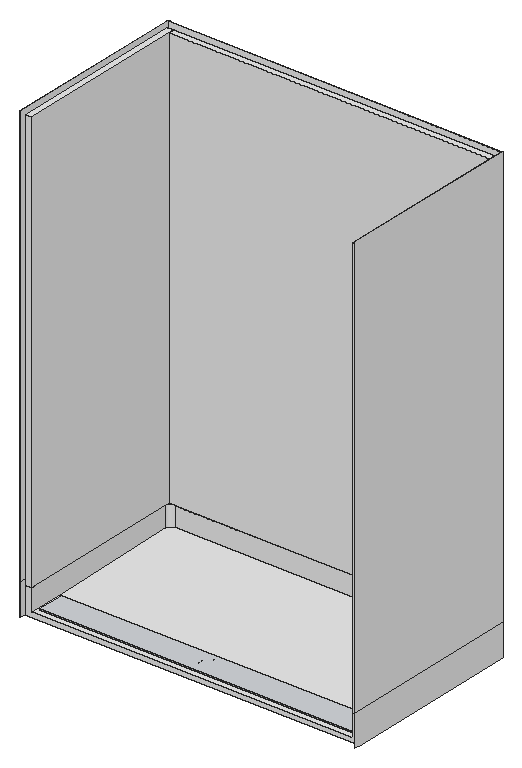
Revit family "5LBS26032FB75FTB.V3,2FTB.V3", category Plumbing Fixtures, Revit 2019
Family settings
  Round Connector Dimension = Use Diameter
  Part Type = Normal
  OmniClass Number = 23.45.05.14.17
  OmniClass Title = Showers
  Work Plane-Based = No
  Always vertical = Yes
  Cut with Voids When Loaded = No
  Shared = No
  Room Calculation Point = No
Parameters (values of type "5LBS26032FB75FTB.V3")
  Unit Width = 60"
  Unit Height = 81 1/4"
  Pan Height = 5 3/4"
  Unit Depth = 33"
  URL = "http://www.bestbath.com"
  Type Comments = "Barrier Free"
  Threshold Height = 3/4"
  Model = "5LBS26032FB75FTB.V3"
  Material [instance] = Best Bath Gelcoat Fiberglass - 4x8 Subway Tile
  Manufacturer = "Best Bath Systems, Inc."
  Keynote = "22 40 00.B3"
  Description = "Trench Drain Pan, Real Tile, Beveled Threshold"
  Assembly Code = "D2010710"
Types (3): name | Unit Height | Pan Height | Threshold Height | Model
  (no name) | 81 1/4" | 5 3/4" | 3/4" | "5LBS26032FB75FTB.V3"
  5LBS26032FB75FTB.V3 | 81 1/4" | 5 3/4" | 3/4" | "5LBS26032FB75FTB.V3"
  5LBS26032FB2FTB.V3 | 82 1/2" | 7" | 2" | "5LBS26032FB2FTB.V3"
Reference planes (in)
  plane 1 "Back": y = 6.43613
  plane 2: z = 0
  plane 3 "Left": x = 0
  plane 4: x = 60
  plane 5: z = 4.75
  plane 6: z = 0.75
  plane 7: z = 5.75
  plane 8: x = 30
  plane 9: y = -26.56387
  plane 10: y = -19.31387
  plane 11: z = 1.5
  plane 12: y = -25.56387
  plane 13: y = -21.81387
  plane 14: z = 0.875
  plane 15: y = -21.81387
  plane 16: z = 81.25
  plane 17: z = 80.25
  plane 18: z = 44.25
Forms (in)
  Extrusion 1, solid, material "Best Bath Gelcoat Fiberglass - Smooth"
    sketch origin (0, 0, 0) x (1, 0, 0) y (0, 1, 0)
      loop
        line (0, 6.43613) -> (0, -26.56387) -> (0.125, -26.56387) -> (0.125, 6.31113) -> (59.875, 6.31113) -> (59.875, -26.56387) -> (60, -26.56387) -> (60, 6.43613) -> (0, 6.43613)
    from 0 to 5.75
  Extrusion 2, solid, material "Best Bath Gelcoat Fiberglass - Smooth"
    sketch origin (0, 0, 0) x (0, 1, 0) y (0, 0, 1)
      loop
        line (-19.31387, 0.75) -> (5.18613, 0.75) -> (5.18613, 1.25) -> (-19.31387, 0.75)
    from 0 to 60
  Extrusion 3, solid, material "Best Bath Gelcoat Fiberglass - Smooth"
    sketch origin (0, 0, 0) x (1, 0, 0) y (0, 1, 0)
      loop
        line (0, 6.43613) -> (0, -25.56387) -> (59.875, -25.56387) -> (59.875, 6.43613) -> (0, 6.43613)
      loop
        circle (30, -21.81387) r 1.5
    from 0 to 0.75
  Extrusion 4, solid, material "Best Bath Gelcoat Fiberglass - Smooth"
    sketch origin (0, 0, 0) x (1, 0, 0) y (0, 1, 0)
      loop
        line (0, 6.43613) -> (0, -25.56387) -> (1.25, -25.56387) -> (1.25, 4.18613)
        arc (1.25, 4.18613) -> (1.54289, 4.89323) -> (2.25, 5.18613) r 1
        line (2.25, 5.18613) -> (57.75, 5.18613)
        arc (57.75, 5.18613) -> (58.45711, 4.89323) -> (58.75, 4.18613) r 1
        line (58.75, 4.18613) -> (58.75, -25.56387) -> (60, -25.56387) -> (60, 6.43613) -> (0, 6.43613)
    from 0 to 4.75
  Extrusion 5, solid
    sketch origin (0, 0, 0) x (1, 0, 0) y (0, 1, 0)
      loop
        line (1.75, -19.31387) -> (1.75, -24.31387) -> (58.25, -24.31387) -> (58.25, -19.31387) -> (1.75, -19.31387)
    from 0.40753 to 0.875
  Extrusion 6, solid, material "Best Bath Gelcoat Fiberglass - Smooth"
    sketch origin (0, 0, 0) x (1, 0, 0) y (0, 1, 0)
      loop
        line (1.25, -25.56387) -> (1.25, 6.31113) -> (0.125, 6.31113) -> (0.125, -25.56387) -> (1.25, -25.56387)
      loop
        line (58.75, -25.56387) -> (59.875, -25.56387) -> (59.875, 6.31113) -> (58.75, 6.31113) -> (58.75, -25.56387)
    from 4.75 to 80.25
  Extrusion 7, solid, material "Best Bath Smoothwall"
    sketch origin (-0.02168, 0, 0) x (1, 0, 0) y (0, 1, 0)
      loop
        line (1.27168, 5.18613) -> (58.77168, 5.18613) -> (58.77168, 6.31113) -> (1.27168, 6.31113) -> (1.27168, 5.18613)
    from 4.75 to 80.25
  Extrusion 8, solid, material "Best Bath Gelcoat Fiberglass - Smooth"
    sketch origin (0, 0, 0) x (1, 0, 0) y (0, 1, 0)
      loop
        line (0, -26.56387) -> (0.125, -26.56387) -> (0.125, 6.43613) -> (0, 6.43613) -> (0, -26.56387)
      loop
        line (60, -26.56387) -> (60, 6.43613) -> (59.875, 6.43613) -> (59.875, -26.56387) -> (60, -26.56387)
    from 5.75 to 81.25
  Extrusion 9, solid, material "Best Bath Smoothwall"
    sketch origin (-0.02168, 0, 0) x (1, 0, 0) y (0, 1, 0)
      loop
        line (0.14668, 6.43613) -> (0.14668, 6.31113) -> (59.89668, 6.31113) -> (59.89668, 6.43613) -> (0.14668, 6.43613)
    from 0 to 81.25
Cuts and joins
  joined: Extrusion 1, Extrusion 2, Extrusion 3, Extrusion 4
  joined: Extrusion 6, Extrusion 8
  joined: Extrusion 7, Extrusion 9
Dimensions and locks (in)
  "Unit Width": plane 3 "Left" to plane 4
  "Threshold Height": plane 6 to level
  locked: plane 7 to plane 5 at 1
  "Pan Height": plane 7 to level
  equal spacing: plane 3 "Left", plane 8, plane 4
  "Unit Depth": plane 9 to plane 1 "Back"
  locked: plane 11 to plane 6 at 0.75
  plane 3 "Left" to Extrusion 3 = 59 7/8"
  locked: plane 10 to plane 9 at 7.25
  locked: plane 12 to plane 9 at 1
  plane 13 to plane 9 = 4 3/4"
  locked: plane 14 to plane 6 at 0.125
  locked: plane 10 to plane 15 at 2.5
  "Unit Height": plane 16 to level
  locked: plane 16 to plane 17 at 1
  plane 18 to plane 6 = 43 1/2"
  aligned and locked: level to plane 2
  aligned and locked: Extrusion 2 sketch curve to plane 6
  aligned and locked: plane 6 to Extrusion 3
  aligned and locked: plane 5 to Extrusion 4
  aligned and locked: plane 12 to Extrusion 3 sketch curve
  aligned and locked: plane 12 to Extrusion 4 sketch curve  (x2)
  aligned and locked: plane 7 to Extrusion 1
  aligned and locked: Extrusion 5 sketch curve to plane 10
  aligned and locked: plane 14 to Extrusion 5
  aligned and locked: Extrusion 6 to cut or joined group of Extrusion 1, Extrusion 2, Extrusion 3, Extrusion 4
  aligned and locked: plane 17 to Extrusion 6
  aligned and locked: plane 17 to Extrusion 7
  aligned and locked: plane 16 to Extrusion 8
  aligned and locked: plane 16 to Extrusion 9
  aligned and locked: Extrusion 7 to plane 5
  aligned and locked: Extrusion 8 to plane 7
Automatic sketch dimensions
  plane 3 "Left" to Extrusion 5 sketch curve = 1 3/4"
  plane 4 to Extrusion 5 sketch curve = 1 3/4"
  plane 12 to Extrusion 5 sketch curve = 1 1/4"
  Extrusion 1 sketch curve to plane 3 "Left" = 0"
  Extrusion 1 sketch curve to plane 9 = 0"  (x2)
  Extrusion 1 sketch curve to plane 4 = 0"
  plane 1 "Back" to Extrusion 1 sketch curve = 0"
  plane 3 "Left" to Extrusion 1 sketch curve = 1/8"
  plane 4 to Extrusion 1 sketch curve = 1/8"
  plane 1 "Back" to Extrusion 1 sketch curve = 1/8"
  Extrusion 2 sketch curve to plane 10 = 0"
  Extrusion 2 sketch curve to plane 11 = 1/4"
  plane 1 "Back" to Extrusion 2 sketch curve = 1 1/4"
  Extrusion 3 sketch curve to plane 3 "Left" = 0"
  Extrusion 3 sketch curve to plane 8 = 0"
  plane 1 "Back" to Extrusion 3 sketch curve = 0"
  Extrusion 3 sketch curve to plane 13 = 0"
  plane 4 to Extrusion 3 sketch curve = 1/8"
  plane 1 "Back" to Extrusion 4 sketch curve = 0"
  Extrusion 4 sketch curve to plane 3 "Left" = 0"
  Extrusion 4 sketch curve to plane 4 = 0"
  plane 3 "Left" to Extrusion 4 sketch curve = 1 1/4"
  Extrusion 4 sketch curve to Extrusion 4 sketch curve = 1"
  plane 1 "Back" to Extrusion 4 sketch curve = 1 1/4"
  plane 4 to Extrusion 4 sketch curve = 2 1/4"
  Extrusion 4 sketch curve to Extrusion 4 sketch curve = 1 1/4"
  plane 1 "Back" to Extrusion 7 sketch curve = 1/8"
  plane 3 "Left" to Extrusion 7 sketch curve = 1 1/4"
  plane 4 to Extrusion 7 sketch curve = 1 1/4"
  Extrusion 7 sketch curve to Extrusion 7 sketch curve = 1 1/8"
  plane 1 "Back" to Extrusion 9 sketch curve = 0"
  plane 1 "Back" to Extrusion 9 sketch curve = 1/8"
  plane 3 "Left" to Extrusion 9 sketch curve = 1/8"
  plane 4 to Extrusion 9 sketch curve = 1/8"
  Extrusion 6 sketch curve to plane 12 = 0"  (x2)
  plane 3 "Left" to Extrusion 6 sketch curve = 1/8"
  plane 1 "Back" to Extrusion 6 sketch curve = 1/8"  (x2)
  Extrusion 6 sketch curve to Extrusion 6 sketch curve = 1 1/8"
  plane 4 to Extrusion 6 sketch curve = 1 1/4"
  plane 4 to Extrusion 6 sketch curve = 1/8"
  plane 1 "Back" to Extrusion 8 sketch curve = 0"  (x2)
  Extrusion 8 sketch curve to plane 3 "Left" = 0"
  Extrusion 8 sketch curve to plane 9 = 0"  (x2)
  Extrusion 8 sketch curve to plane 4 = 0"
  plane 3 "Left" to Extrusion 8 sketch curve = 1/8"
  plane 4 to Extrusion 8 sketch curve = 1/8"
  radius of Extrusion 3 sketch curve = 1 1/2"
